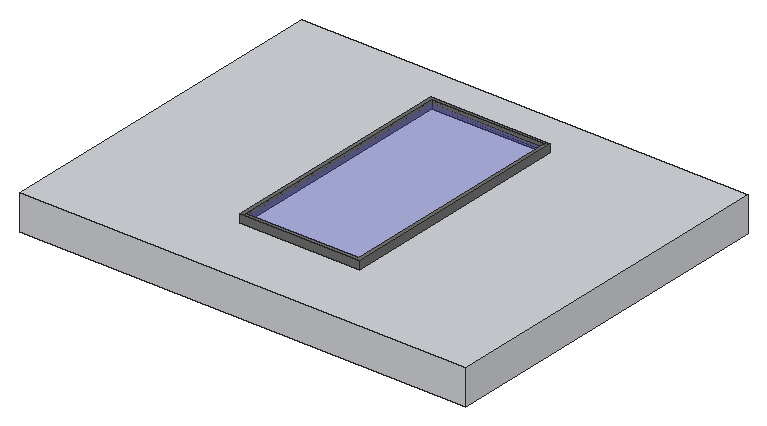
Revit family "АВЛН_Дверь балконная", category Окна, Revit 2021
Family settings
  Основа = Грань
  При загрузке вырезать с полостями = Нет
  Общий = Нет
  Точка принадлежности помещению = Нет
Parameters (values of type "Остекленная")
  Width = 740 mm
  Стекло заполнение сверху = no
  Стекло сплошное заполнение = yes
  Ручка высота [instance] = 985 mm
  Правая [instance] = no
  Default Elevation = 0 mm
  Откидная [instance] = no
  Определить тепловые свойства по = Тип схем
  М.С [instance] = Стекло
  М.Р [instance] = AVLN_Материал импоста_RAL 7024
  М.ПП [instance] = AVLN_Материал импоста_RAL 7024
  Левая [instance] = no
  Корбка толщина [instance] = 25 mm
  Импост ширина [instance] = 50 mm
  Импост высота [instance] = 1050 mm
  Импост = no
  Дверь ширина [instance] = 1050 mm
  Дверь высота [instance] = 2100 mm
  Глухое заполнение снизу = no
  Height = 2100 mm
  Аналитическая конструкция = "<Нет>"
Types (3, lengths in mm): name | Стекло заполнение сверху | Стекло сплошное заполнение | Импост | Глухое заполнение снизу
  Глухое заполнение снизу | yes | no | yes | yes
  Остекленная с импостом | no | yes | yes | no
  Остекленная | no | yes | no | no
Reference planes
  plane 1 "По центру (Вперед/Назад)": y = 0
  plane 2: z = 0
  plane 3 "По центру (Влево/Вправо)": x = 0
  plane 4: y = 1050
  plane 5 "Основание двери": y = -1050
  plane 6: x = 525
  plane 7: x = -525
  plane 8: y = 0
  plane 9: y = 25
  plane 10: y = -25
  plane 11: x = 500
  plane 12: y = -1025
  plane 13: x = -500
  plane 14: y = 1025
  plane 15: z = 70
  plane 16: y = -65
Forms (mm)
  Extrusion 1, solid
    sketch origin (0, 0, 0) x (1, 0, 0) y (0, 1, 0)
      loop
        line (-1970, 1440) -> (-1970, -1672.46) -> (1957.193, -1672.46) -> (1957.193, 1440) -> (-1970, 1440)
    from 0 to -304.8
  Extrusion 2, solid, material "AVLN_Материал импоста_RAL 7024" <- "М.Р", visible <- "Импост", detail levels medium+fine
    sketch origin (-467.888, -159.945, 0) x (1, 0, 0) y (0, 1, 0)
      loop
        line (-32.112, 184.945) -> (-32.112, 134.945) -> (967.888, 134.945) -> (967.888, 184.945) -> (-32.112, 184.945)
    from 0 to 70
  Extrusion 3, solid, material "AVLN_Материал импоста_RAL 7024" <- "М.Р", detail levels medium+fine
    sketch origin (-467.888, -61.043, 0) x (1, 0, 0) y (0, 1, 0)
      loop
        line (-57.112, -988.957) -> (992.888, -988.957) -> (992.888, 1111.043) -> (-57.112, 1111.043) -> (-57.112, -988.957)
      loop
        line (-32.112, 1086.043) -> (-32.112, -963.957) -> (967.888, -963.957) -> (967.888, 1086.043) -> (-32.112, 1086.043)
    from 0 to 70
  Extrusion 4, solid, material "Стекло" <- "М.С", visible <- "Стекло заполнение сверху", detail levels medium+fine
    sketch origin (1132.112, 87.618, 0) x (1, 0, 0) y (0, 1, 0)
      loop
        line (-1632.112, 937.382) -> (-1632.112, -62.618) -> (-632.112, -62.618) -> (-632.112, 937.382) -> (-1632.112, 937.382)
    from 20 to 45
  Extrusion 5, solid, material "AVLN_Материал импоста_RAL 7024" <- "М.Р", visible <- "Глухое заполнение снизу", detail levels medium+fine
    sketch origin (-489.421, 311.882, 0) x (1, 0, 0) y (0, 1, 0)
      loop
        line (-10.579, -336.882) -> (-10.579, -1336.882) -> (989.421, -1336.882) -> (989.421, -336.882) -> (-10.579, -336.882)
    from 20 to 45
  Extrusion 6, solid, material "Стекло" <- "М.С", visible <- "Стекло сплошное заполнение", detail levels medium+fine
    sketch origin (932.112, 7.618, 0) x (1, 0, 0) y (0, 1, 0)
      loop
        line (-1432.112, 1017.382) -> (-1432.112, -1032.618) -> (-432.112, -1032.618) -> (-432.112, 1017.382) -> (-1432.112, 1017.382)
    from 20 to 45
Lines and regions (mm)
  model lines, style "Открывание_Внутрь", visible <- "Правая", detail levels medium+fine
    curve 1: line (500, 1025, 45) -> (-500, 0, 45)
    curve 2: line (500, -1025, 45) -> (-500, 0, 45)
  model lines, style "Открывание_Внутрь", visible <- "Откидная", detail levels medium+fine
    curve 3: line (-500, -1025, 45) -> (0, 1025, 45)
    curve 4: line (0, 1025, 45) -> (500, -1025, 45)
  model lines, style "Открывание_Внутрь", visible <- "Левая", detail levels medium+fine
    curve 5: line (-500, 1025, 45) -> (500, 0, 45)
    curve 6: line (-500, -1025, 45) -> (500, 0, 45)
  model lines, style "Открывание_Наружу", visible <- "Левая", detail levels medium+fine
    curve 7: line (-500, 1025, 20) -> (500, 0, 20)
    curve 8: line (-500, -1025, 20) -> (500, 0, 20)
  model lines, style "Открывание_Наружу", visible <- "Правая", detail levels medium+fine
    curve 9: line (500, 1025, 20) -> (-500, 0, 20)
    curve 10: line (500, -1025, 20) -> (-500, 0, 20)
  model lines, style "Открывание_Наружу", visible <- "Откидная", detail levels medium+fine
    curve 11: line (-500, -1025, 20) -> (0, 1025, 20)
    curve 12: line (0, 1025, 20) -> (500, -1025, 20)
  symbolic lines, not visible, detail levels medium+fine
    curve 13: line (873.016, 510.662, 0) -> (1073.016, 510.662, 0)
    curve 14: line (973.016, 410.662, 0) -> (973.016, 610.662, 0)
    curve 15: line (2093.378, 460, 0) -> (2293.378, 460, 0)
    curve 16: line (2193.378, 360, 0) -> (2193.378, 560, 0)
    curve 17: line (-767.079, 635.2, 0) -> (-567.079, 635.2, 0)
    curve 18: line (-667.079, 535.2, 0) -> (-667.079, 735.2, 0)
Dimensions and locks
  equal spacing: plane 7, plane 3 "По центру (Влево/Вправо)", plane 6
  equal spacing: plane 5 "Основание двери", plane 1 "По центру (Вперед/Назад)", plane 4
  "Дверь высота": plane 4 to plane 5 "Основание двери"
  "Дверь ширина": plane 7 to plane 6
  "Импост высота": plane 8 to plane 5 "Основание двери"
  equal spacing: plane 9, plane 8, plane 10
  "Импост ширина": plane 9 to plane 10
  "Корбка толщина": plane 4 to plane 14
  "Корбка толщина": plane 12 to plane 5 "Основание двери"
  "Корбка толщина": plane 11 to plane 6
  "Корбка толщина": plane 7 to plane 13
  Extrusion 6 to plane 15 = 25 mm
  locked: Extrusion 4 to plane 15 at 25
  plane 11 to plane 6 = 25 mm
  plane 7 to plane 13 = 25 mm
  "Ручка высота": plane 16 to plane 5 "Основание двери"
  aligned and locked: Extrusion 1 to plane 2
  aligned and locked: Extrusion 1 to level
  aligned and locked: plane 9 to Extrusion 2
  aligned and locked: Extrusion 2 to plane 10
  aligned and locked: plane 4 to Extrusion 3
  aligned and locked: Extrusion 3 to plane 14
  aligned and locked: plane 6 to Extrusion 3
  aligned and locked: Extrusion 3 to plane 11
  aligned and locked: Extrusion 3 to plane 5 "Основание двери"
  aligned and locked: plane 12 to Extrusion 3
  aligned and locked: Extrusion 3 to plane 7
  aligned and locked: plane 13 to Extrusion 3
  aligned and locked: plane 11 to Extrusion 2
  aligned and locked: Extrusion 2 to plane 13
  aligned and locked: plane 14 to Extrusion 6
  aligned and locked: Extrusion 6 to plane 13
  aligned and locked: Extrusion 6 to plane 12
  aligned and locked: plane 11 to Extrusion 6
  aligned and locked: plane 14 to Extrusion 4
  aligned and locked: Extrusion 4 to plane 13
  aligned and locked: plane 11 to Extrusion 4
  aligned and locked: Extrusion 4 to plane 9
  aligned and locked: plane 13 to curve 5
  aligned and locked: plane 14 to curve 5
  aligned and locked: plane 14 to curve 7
  aligned and locked: plane 13 to curve 7
  aligned and locked: plane 11 to curve 5
  aligned and locked: plane 1 "По центру (Вперед/Назад)" to curve 5
  aligned and locked: plane 11 to curve 7
  aligned and locked: plane 1 "По центру (Вперед/Назад)" to curve 7
  aligned and locked: Extrusion 3 to Extrusion 2
  aligned and locked: Extrusion 2 to level
  aligned and locked: Extrusion 3 to level
  aligned and locked: Extrusion 3 sketch curve to plane 11
  aligned and locked: Extrusion 3 sketch curve to plane 6
  aligned and locked: plane 7 to Extrusion 3 sketch curve
  aligned and locked: Extrusion 3 sketch curve to plane 13
  aligned and locked: Extrusion 3 sketch curve to plane 5 "Основание двери"
  aligned and locked: Extrusion 3 sketch curve to plane 12
  aligned and locked: Extrusion 3 sketch curve to plane 4
  aligned and locked: Extrusion 3 sketch curve to plane 14
  aligned and locked: Extrusion 4 sketch curve to plane 13
  aligned and locked: Extrusion 4 sketch curve to plane 14
  aligned and locked: Extrusion 4 sketch curve to plane 11
  aligned and locked: Extrusion 4 sketch curve to plane 9
  aligned and locked: Extrusion 6 sketch curve to plane 14
  aligned and locked: Extrusion 6 sketch curve to plane 12
  aligned and locked: Extrusion 6 sketch curve to plane 11
  aligned and locked: Extrusion 6 sketch curve to plane 13
  aligned and locked: Extrusion 2 sketch curve to plane 11
  aligned and locked: Extrusion 2 sketch curve to plane 13
  aligned and locked: Extrusion 2 sketch curve to plane 9
  aligned and locked: Extrusion 2 sketch curve to plane 10
  aligned and locked: Extrusion 5 sketch curve to plane 11
  aligned and locked: Extrusion 5 sketch curve to plane 10
  aligned and locked: Extrusion 5 sketch curve to plane 13
  aligned and locked: Extrusion 5 sketch curve to plane 12
Automatic sketch dimensions
  Extrusion 1 sketch curve to Extrusion 1 sketch curve = 3927.193 mm
  Extrusion 1 sketch curve to Extrusion 1 sketch curve = 3112.46 mm
  curve 1 to plane 11 = 0 mm
  curve 2 to plane 11 = 0 mm
  curve 4 to plane 3 "По центру (Влево/Вправо)" = 0 mm
  plane 1 "По центру (Вперед/Назад)" to curve 1 = 0 mm
  curve 1 to plane 13 = 0 mm
  curve 6 to plane 12 = 0 mm
  curve 6 to plane 13 = 0 mm
  curve 1 to plane 14 = 0 mm
  curve 4 to plane 14 = 0 mm
  curve 4 to plane 12 = 0 mm
  curve 10 to plane 11 = 0 mm
  curve 9 to plane 11 = 0 mm
  curve 11 to plane 3 "По центру (Влево/Вправо)" = 0 mm
  curve 11 to plane 12 = 0 mm
  curve 11 to plane 13 = 0 mm
  plane 1 "По центру (Вперед/Назад)" to curve 10 = 0 mm
  curve 10 to plane 13 = 0 mm
  curve 11 to plane 14 = 0 mm
  curve 9 to plane 14 = 0 mm
  curve 10 to plane 12 = 0 mm
